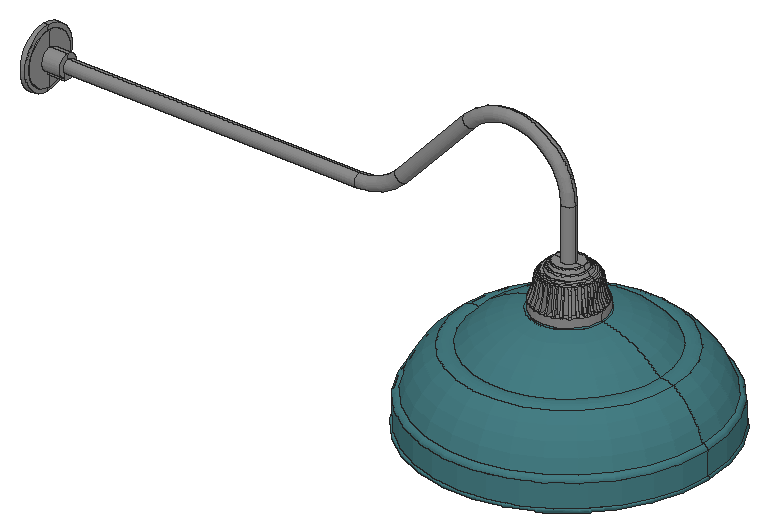
Revit family "Urban Bistro BRU 14,16,18,20,22", category Lighting Fixtures, Revit 2020
Family settings
  Round Connector Dimension = Use Diameter
  Part Type = Normal
  OmniClass Number = 23.80.70.00
  OmniClass Title = Lighting
  Work Plane-Based = No
  Always vertical = Yes
  Cut with Voids When Loaded = No
  Light Source = Yes
  Shared = No
  Room Calculation Point = No
Parameters (values of type "BRU22")
  b = 0' - 3"
  a = 1' - 1"
  Weight = "6.2lb"
  Wattage Comments = "200W"
  Wattage = 9.2903 W
  Warranty = "5 year limited warranty"  # constant formula
  built-in parameter 1150110 = 1 (stored number, unit not read)
  Voltage = 120 V
  URL = "https://www.anplighting.com/assets/Uploads/product-attachments/specification-sheets/ANP-Specification-Sheet-INC-BRU22.pdf"
  built-in parameter 1114217 = 1 (stored number, unit not read)
  Tilt Angle = 90.00°
  built-in parameter 1150109 = 1 (stored number, unit not read)
  built-in parameter 1150134 = 3
  built-in parameter 1150113 = 1 (stored number, unit not read)
  Photometric Web File = "generic"
  built-in parameter 1150142 = (empty or 0)
  Mounting Option [instance] = 4
  Power Factor = 1
  Post Mount [instance] = Mounting Option = 5  # no
  Placement X axis side [instance] = if(Post Mount, 2' 2 15/32", if(Cord or Stem Mount, 0' 0", if(E36 20 inch, 1' 8 1/4", if(E 6 26 inch, 2' 2", if(E7 41 inch, 3' 5 1/4", 0' 1")))))  # 3' - 5 1/4"
  Model = "BRU22"
  Manufacturer = "ANP Lighting"  # constant formula
  built-in parameter 1150105 = 109.82 (stored number, unit not read)
  Lumens = 1380 lm
  built-in parameter 1150115 = 1 (stored number, unit not read)
  Load Classification = Lighting
  Light Source Height [instance] = 0' - 0"
  built-in parameter 1150137 = (empty or 0)
  built-in parameter 1150139 = (empty or 0)
  Light Elevation _2 [instance] = if(Post Mount, 0' 0.66142", if(E7 41 inch, 0' 0.66142", if(E36 20 inch, 0' 1.65748", if(E 6 26 inch, 0' 1.53543", if(Cord or Stem Mount, (0' 4.3622" + Cord Length), 0' 0")))))  # 0' - 0.66142"
  Light Elevation _1 [instance] = if(Post Mount, 0' 0", if(E7 41 inch, 0' 0", if(E36 20 inch, 0' 1", if(E 6 26 inch, 0' 0.87402", if(Cord or Stem Mount, (0' 3.66142" + Cord Length), 0' 0")))))  # 0' - 0"
  Light Elevation [instance] = if(Post Mount, 14' 0.5315", if(E7 41 inch, 0' 0", 0' 0"))  # 0' - 0"
  Life = "L70 50,000 hours"  # constant formula
  built-in parameter 1150112 = 1 (stored number, unit not read)
  built-in parameter 1150114 = 1 (stored number, unit not read)
  Lamp = "MB"
  built-in parameter 1150132 = (empty or 0)
  built-in parameter 1150102 = (empty or 0)
  built-in parameter 1150107 = 3200 (stored number, unit not read)
  built-in parameter 1150138 = (empty or 0)
  built-in parameter 1150106 = 1.0982 (stored number, unit not read)
  HUB = Putty
  Fixture Height = 0' - 11 5/8"
  Fixture Diameter = 1' - 10"
  Efficiency = "65-125 lumens per watt"  # constant formula
  built-in parameter 1150104 = 13.8 (stored number, unit not read)
  E7 41 inch [instance] = Mounting Option = 4  # yes
  E36 20 inch [instance] = Mounting Option = 3  # no
  E 6 26 inch [instance] = Mounting Option = 2  # no
  Dimming Lamp Color Temperature Shift = <None>
  Dimming = "1%"  # constant formula
  Description = "120-277 Voltage"  # constant formula
  Default Elevation = 0' - 0"
  Cord or Stem Mount [instance] = Mounting Option = 1  # no
  Cord Length option [instance] = 0
  Cord Length [instance] = if([2' Cord], 2' 0", if([4' Cord], 4' 0", if([8' Cord], 8' 0", if([10' Cord], 10' 0", if([6' Cord], 6' 0", 6' 0")))))  # 6' - 0"
  Construction Material = "Heavy Duty spun aluminum."  # constant formula
  Color Filter = 16777215
  Canopy Body = Aqua Green
  CRI = ">90"  # constant formula
  Body Material = Putty
  Body Colour = "Spun aluminium"  # constant formula
  built-in parameter 1114218 = 1 (stored number, unit not read)
  BRU22 = yes
  BRU20 = no
  BRU18 = no
  BRU16 = no
  BRU14 = no
  built-in parameter 1150133 = 10 (stored number, unit not read)
  Apparent Load = 200 VA
  8' Cord [instance] = Cord Length option = 8  # no
  6' Cord [instance] = Cord Length option = 6  # no
  4' Cord [instance] = Cord Length option = 4  # no
  2' Cord [instance] = Cord Length option = 2  # no
  10' Cord [instance] = Cord Length option = 10  # no
Reference planes (in)
  plane 1 "Light Source Axis (F/B)": y = 0
  plane 2: z = 0
  plane 3 "Light Source Axis (L/R)": x = 0
  plane 4 "Light Source Elevation": z = 0
  plane 5: z = 0
  plane 6: x = 41.25
  plane 7 "Bulb Position": z = -0.66142
  plane 8 "Canopy Position": z = 0
  plane 9 "IES": z = -0.66142
  plane 10: z = 164.5315
  plane 11: z = -13
  plane 12: z = -10
  plane 13: z = -7.56887
Dimensions and locks (in)
  "Light Elevation": plane 5 to plane 2
  "Placement X axis side": plane 6 to plane 3 "Light Source Axis (L/R)"
  "Light Elevation _2": plane 5 to plane 7 "Bulb Position"
  "Light Elevation _1": plane 5 to plane 8 "Canopy Position"
  "Light Source Height": plane 7 "Bulb Position" to plane 9 "IES"
  locked: plane 4 "Light Source Elevation" to plane 2
  "a": plane 8 "Canopy Position" to plane 11
  "b": plane 12 to plane 11
  locked: plane 13 to plane 12 at 2.43113
  aligned and locked: level to plane 2
  aligned and locked: plane 1 "Light Source Axis (F/B)" to nested 5
  aligned and locked: nested 5 to plane 2
  aligned and locked: nested 1 to plane 3 "Light Source Axis (L/R)"
  aligned and locked: plane 3 "Light Source Axis (L/R)" to nested 2
  aligned and locked: plane 3 "Light Source Axis (L/R)" to nested 4
  aligned and locked: nested 3 to plane 5
  aligned and locked: plane 3 "Light Source Axis (L/R)" to nested 3
  aligned and locked: plane 1 "Light Source Axis (F/B)" to nested 2
  aligned and locked: plane 1 "Light Source Axis (F/B)" to nested 1
  aligned and locked: plane 1 "Light Source Axis (F/B)" to nested 4
  aligned and locked: plane 1 "Light Source Axis (F/B)" to nested 3
  aligned and locked: plane 2 to nested 1
  aligned and locked: nested 2 to plane 2
  aligned and locked: nested 4 to plane 2
  aligned and locked: plane 6 to imposter light
  aligned and locked: imposter light to plane 12
  aligned and locked: imposter light to plane 1 "Light Source Axis (F/B)"
  aligned and locked: plane 1 "Light Source Axis (F/B)" to nested 6
  aligned and locked: plane 8 "Canopy Position" to nested 6
  aligned and locked: plane 1 "Light Source Axis (F/B)" to nested 7
  aligned and locked: plane 8 "Canopy Position" to nested 7
  aligned and locked: plane 1 "Light Source Axis (F/B)" to nested 8
  aligned and locked: plane 8 "Canopy Position" to nested 8
  aligned and locked: plane 1 "Light Source Axis (F/B)" to nested 9
  aligned and locked: plane 8 "Canopy Position" to nested 9
  aligned and locked: plane 1 "Light Source Axis (F/B)" to nested 10
  aligned and locked: plane 8 "Canopy Position" to nested 10
  aligned and locked: plane 6 to nested 10
  aligned and locked: plane 6 to nested 7
  aligned and locked: plane 6 to nested 9
  aligned and locked: plane 6 to nested 8
  aligned and locked: plane 6 to nested 6
Nested families (in)
  nested 1: "CORD OR STEM MOUNT" at (0, 0, -75.67), visible <- "Cord or Stem Mount", Cord or Stem Mount <- "Cord or Stem Mount", Body Material <- "Body Material", Light Elevation <- "Light Elevation", Cord Length <- "Cord Length", 10' Cord <- "10' Cord", 2' Cord <- "2' Cord", 4' Cord <- "4' Cord", 6' Cord <- "6' Cord", 8' Cord <- "8' Cord", type "CORD OR STEM MOUNT"
    with Light Elevation 0' - 0", Cord or Stem Mount no, Cord Length 6' - 0", Body Material Putty, 8' Cord no, 6' Cord no, 4' Cord no, 2' Cord no, 10' Cord no
  nested 2: "E6 26 INCH" at (41.25, 0, 0), visible <- "E 6 26 inch", Chain Length <- "Cord Length", E 6 26 inch <- "E 6 26 inch", Placement X axis side <- "Placement X axis side", Body Material <- "Body Material", Light Elevation <- "Light Elevation", type "E6 26 INCH"
    with Placement X axis side 3' - 5 1/4", Light Elevation 0' - 0", E 6 26 inch no, Chain Length 6' - 0", Body Material Putty
  nested 3: "E7 41 INCH" at (41.25, 0, 0), Chain Length <- "Cord Length", visible <- "E7 41 inch", E7 41 inch <- "E7 41 inch", Placement X axis side <- "Placement X axis side", Body Material <- "Body Material", Light Elevation <- "Light Elevation", type "E7 41 INCH"
    with Placement X axis side 3' - 5 1/4", Light Elevation 0' - 0", E7 41 inch yes, Chain Length 6' - 0", Body Material Putty
  nested 4: "E36 20 INCH" at (41.25, 0, 0), visible <- "E36 20 inch", E36 20 inch <- "E36 20 inch", Placement X axis side <- "Placement X axis side", Chain Length <- "Cord Length", Body Material <- "Body Material", Light Elevation <- "Light Elevation", type "E36 20 INCH"
    with Placement X axis side 3' - 5 1/4", Light Elevation 0' - 0", E36 20 inch no, Chain Length 6' - 0", Body Material Putty
  nested 5: "POST MOUNT" at (41.25, 0, 0), visible <- "Post Mount", Post Mount <- "Post Mount", Placement X axis side <- "Placement X axis side", Chain Length <- "Cord Length", Body Material <- "Body Material", Light Elevation <- "Light Elevation", type "POST MOUNT"
    with Post Mount no, Placement X axis side 3' - 5 1/4", Light Elevation 0' - 0", Chain Length 6' - 0", Body Material Putty
  nested 6: "BRU14_1" at (41.25, 0, 0), BRU14 <- "BRU14", visible <- "BRU14", Body <- "Canopy Body", HUB <- "HUB", Light Elevation <- "Light Elevation", type "BRU14_1"
    with Light Elevation 0' - 0", HUB Putty, Body Aqua Green, BRU14 no
  nested 7: "BRU16_1" at (41.25, 0, 0.00021), BRU16 <- "BRU16", visible <- "BRU16", Body <- "Canopy Body", HUB <- "HUB", Light Elevation <- "Light Elevation", type "BRU16_1"
    with Light Elevation 0' - 0", HUB Putty, Body Aqua Green, BRU16 no
  nested 8: "BRU18_1" at (41.25, 0, 0), BRU18 <- "BRU18", visible <- "BRU18", Body <- "Canopy Body", HUB <- "HUB", Light Elevation <- "Light Elevation", type "BRU18_1"
    with Light Elevation 0' - 0", HUB Putty, Body Aqua Green, BRU18 no
  nested 9: "BRU20_1" at (41.25, 0, 0), BRU20 <- "BRU20", visible <- "BRU20", Body <- "Canopy Body", HUB <- "HUB", Light Elevation <- "Light Elevation", type "BRU20_1"
    with Light Elevation 0' - 0", HUB Putty, Body Aqua Green, BRU20 no
  nested 10: "BRU22_1" at (41.25, 0, 0), BRU22 <- "BRU22", visible <- "BRU22", Body <- "Canopy Body", HUB <- "HUB", Light Elevation <- "Light Elevation", type "BRU22_1"
    with Light Elevation 0' - 0", HUB Putty, Body Aqua Green, BRU22 yes
Definition of nested family "E7 41 INCH"
  Parameters (values of type "E7 41 INCH")
    URL = ""
    Placement X axis side [instance] = 4' - 2"
    Model = ""
    Manufacturer = ""
    Light Elevation [instance] = 8' - 4"
    E7 41 inch [instance] = yes
    Default Elevation = 0' - 0"
    Chain Length [instance] = 0' - 0"
    Body Material [instance] = none
  Reference planes (in)
    plane 1 "Light Source Axis (F/B)": y = 0
    plane 2: z = 0
    plane 3 "Light Source Axis (L/R)": x = 0
    plane 4 "Light Source Elevation": z = 23.125
    plane 5: z = 100
    plane 6: x = -50
  Forms (in)
    Extrusion 1, void, not visible
      sketch origin (0, 0, 2.38154) x (1, 0, 0) y (0, 0, 1)
        loop
          circle (0, 4.59925) r 0.16583
      from 1.18594 to 1.75
    Extrusion 2, void, not visible
      sketch origin (0, 0, 2.38154) x (0.707107, -0.707107, 0) y (0, 0, 1)
        loop
          circle (0, 4.59925) r 0.16583
      from 1.18594 to 1.75
    Extrusion 3, void, not visible
      sketch origin (0, 0, 2.38154) x (0.707107, 0.707107, 0) y (0, 0, 1)
        loop
          circle (0, 4.59925) r 0.16583
      from 1.18594 to 1.75
    Extrusion 4, void, not visible
      sketch origin (0, 0, 2.38154) x (0, 1, 0) y (0, 0, 1)
        loop
          circle (0, 4.59925) r 0.16583
      from 1.18594 to 1.75
    Extrusion 5, void, not visible
      sketch origin (0, 0, 2.38154) x (-0.707107, 0.707107, 0) y (0, 0, 1)
        loop
          circle (0, 4.59925) r 0.16583
      from 1.18594 to 1.75
    Extrusion 6, void, not visible
      sketch origin (0, 0, 2.38154) x (-1, 0, 0) y (0, 0, 1)
        loop
          circle (0, 4.59925) r 0.20678
      from 1.18594 to 1.75
    Extrusion 7, void, not visible
      sketch origin (0, 0, 2.38154) x (-0.707107, -0.707107, 0) y (0, 0, 1)
        loop
          circle (0, 4.59925) r 0.16583
      from 1.18594 to 1.75
    Extrusion 8, void, not visible
      sketch origin (0, 0, 2.38154) x (0, -1, 0) y (0, 0, 1)
        loop
          circle (0, 4.59925) r 0.16583
      from 1.18594 to 1.75
    Revolve 9, solid, material <- "Body Material", visible <- "E7 41 inch"
      sketch origin (-41.25, 0, 168.39193) x (1, 0, 0) y (0, 0, 1)
        loop
          line (-8.75, -66.20443) -> (-8.75, -68.51693) -> (-6.87, -68.51693) -> (-6.87, -67.69272) -> (-8.2974, -67.69272) -> (-8.2974, -66.54122) -> (-8.41875, -66.54122) -> (-8.41875, -66.20443) -> (-8.75, -66.20443)
        axis (-8.75, -68.51693) -> (-6.87, -68.51693)
      angle from 0 to 360
    Extrusion 10, solid, material <- "Body Material", visible <- "E7 41 inch"
      sketch origin (-41.25, 0, 168.39193) x (0, -1, 0) y (0, 0, -1)
        loop
          line (0.25, 68.51693) -> (0.25, 69.51693) -> (-0.25, 69.51693) -> (-0.25, 68.51693) -> (0.25, 68.51693)
      from -8.2974 to -6.87
    Sweep 11, solid, material <- "Body Material", visible <- "E7 41 inch"
      path origin (-41.25, 0, 168.39193) x (1, 0, 0) y (0, 0, 1)
        loop
          line (-6.87, -68.51693) -> (16.04011, -68.51693)
          arc (16.04011, -68.51693) -> (17.864, -68.13651) -> (19.38375, -67.0587) r 4.5625
          line (19.38375, -67.0587) -> (24.70217, -61.33018)
          arc (24.70217, -61.33018) -> (29.64465, -60.20324) -> (32.5, -64.39193) r 4.5
          line (32.5, -64.39193) -> (32.5, -68.39193)
      profile origin (-36.66494, 0, 99.875) x (0, 0, 1) y (0, -1, 0)
        loop
          circle (0, 0) r 0.5
  Dimensions and locks (in)
    "Placement X axis side": plane 3 "Light Source Axis (L/R)" to plane 6
    "Light Elevation": plane 5 to plane 2
    locked: Revolve 9 sketch curve to Revolve 9 sketch curve at 0.33125
    locked: Revolve 9 sketch curve to Revolve 9 sketch curve at 0.4526
    locked: Revolve 9 sketch curve to Revolve 9 sketch curve at 1.88
    locked: Revolve 9 sketch curve to Revolve 9 sketch curve at 0.82421
    locked: Revolve 9 sketch curve to Revolve 9 sketch curve at 1.1515
    locked: Revolve 9 sketch curve to Revolve 9 sketch curve at 0.33679
    locked: plane 5 to Revolve 9 sketch curve at 0.125
    locked: Extrusion 10 sketch curve to Extrusion 10 sketch curve at 0.5
    locked: Extrusion 10 sketch curve to Extrusion 10 sketch curve at 1
    locked: plane 5 to Extrusion 10 sketch curve at 0.125
    locked: plane 5 to Sweep 11 sketch curve at 0.125
    locked: Sweep 11 sketch curve to Sweep 11 sketch curve at 39.37
    locked: Sweep 11 sketch curve to Sweep 11 sketch curve at 4
    locked: plane 6 to Extrusion 10 at 0.4526
    locked: Sweep 11 sketch curve to plane 6 at 1.88
    locked: Extrusion 10 to Extrusion 10 at 1.4274
    aligned and locked: plane 2 to level
    aligned and locked: Revolve 9 sketch curve to plane 6
  Automatic sketch dimensions
    Revolve 9 sketch curve to plane 5 = 0' - 0 1/8"
    plane 6 to Revolve 9 sketch curve = 0' - 0.62562"
    Revolve 9 sketch curve to Revolve 9 sketch curve = 0' - 0 1/2"
    plane 1 "Light Source Axis (F/B)" to Extrusion 10 sketch curve = 0' - 0 1/4"
    Sweep 11 sketch curve to plane 5 = 0' - 0"
    Sweep 11 sketch curve to Sweep 11 sketch curve = 0' - 4 1/2"
    Sweep 11 sketch curve to Sweep 11 sketch curve = 0' - 3.29783"
    plane 5 to Sweep 11 sketch curve = 0' - 1.33323"
    Sweep 11 sketch curve to Sweep 11 sketch curve = 0' - 5.31842"
    Sweep 11 sketch curve to Sweep 11 sketch curve = 0' - 3.34364"
    profile plane to Sweep 11 sketch curve = 0' - 0"
    Sweep 11 sketch curve to profile plane = 0' - 0"
    radius of Sweep 11 sketch curve = 0' - 0 1/2"
Definition of nested family "BRU22_1"
  Parameters (values of type "BRU22_1")
    Light Elevation [instance] = 4' - 0"
    HUB [instance] = none
    Default Elevation = 0' - 0"
    Body [instance] = none
    BRU22 [instance] = yes
  Reference planes (in)
    plane 1 "Center (Front/Back)": y = 0
    plane 2: z = 0
    plane 3 "Center (Left/Right)": x = 0
    plane 4: z = 48
  Dimensions and locks (in)
    "Light Elevation": plane 4 to plane 2
    aligned and locked: plane 2 to level
    aligned and locked: plane 1 "Center (Front/Back)" to nested 1
    aligned and locked: plane 3 "Center (Left/Right)" to nested 1
    aligned and locked: plane 4 to nested 1
  Nested families (in)
    nested 1: "BRU22" at (0, 0, 36.375), visible <- "BRU22", SHADE <- "Body", HUB <- "HUB", BRU22 <- "BRU22", type "BRU22"
      with SHADE none, HUB none
  Definition of nested family "BRU22"
    Parameters (values of type "BRU22")
      SHADE [instance] = none
      HUB [instance] = none
      Default Elevation = 0' - 0"
      BRU22 [instance] = yes
    Reference planes (in)
      plane 1 "Center (Front/Back)": y = 0
      plane 2: z = 0
      plane 3 "Center (Left/Right)": x = 0
      plane 4: z = 11.625
    Forms (in)
      Revolve 1, solid, material <- "HUB", visible <- "BRU22"
        sketch origin (0, 0, 1.74676) x (1, 0, 0) y (0, 0, 1)
          loop
            arc (-1.13603, 9.87824) -> (-1.15661, 9.87225) -> (-1.17075, 9.85614) r 0.03832
            line (-1.17075, 9.85614) -> (-1.29313, 9.59416) -> (-1.41054, 9.59416)
            arc (-1.41054, 9.59416) -> (-1.45353, 9.58163) -> (-1.48305, 9.54797) r 0.08
            line (-1.48305, 9.54797) -> (-1.59547, 9.30689) -> (-1.79547, 9.30689)
            arc (-1.79547, 9.30689) -> (-1.84894, 9.28639) -> (-1.87501, 9.23539) r 0.08
            arc (-1.87501, 9.23539) -> (-1.89411, 9.17729) -> (-1.93534, 9.13211) r 0.14595
            arc (-1.93534, 9.13211) -> (-1.97647, 9.10191) -> (-2.01677, 9.07061) r 1.89392
            arc (-2.01677, 9.07061) -> (-2.14099, 8.88463) -> (-2.18385, 8.66511) r 0.56845
            arc (-2.18385, 8.66511) -> (-2.3223, 7.96682) -> (-2.5672, 7.29839) r 4.58402
            arc (-2.5672, 7.29839) -> (-2.59166, 7.23933) -> (-2.6, 7.17595) r 0.24491
            line (-2.6, 7.17595) -> (-2.6, 6.55689) -> (-2.28, 6.55689) -> (-2.28, 6.93689) -> (-2, 7.18689) -> (-1.74987, 8.96668)
            arc (-1.74987, 8.96668) -> (-1.66631, 9.12057) -> (-1.5023, 9.18189) r 0.25
            line (-1.5023, 9.18189) -> (-0.3125, 9.18189) -> (-0.3125, 9.87824) -> (-1.13603, 9.87824)
          axis (0, 9.87824) -> (0, 6.55689)
        angle from 0 to 360
      Extrusion 2, void
        sketch origin (0, 0, 1.74676) x (1, 0, 0) y (0, 0, 1)
          loop
            arc (0.1562, 8.94175) -> (0, 9.10087) -> (-0.1562, 8.94175) r 0.15622
            arc (-0.1562, 8.94175) -> (-0.16453, 8.05868) -> (-0.1893, 7.17593) r 47.42066
            line (-0.1893, 7.17593) -> (0.1893, 7.17593)
            arc (0.1893, 7.17593) -> (0.16453, 8.05868) -> (0.1562, 8.94175) r 47.42066
        from 2.01546 to 2.60892
      Extrusion 3, void
        sketch origin (0, 0, 1.74676) x (-1, 0, 0) y (0, 0, 1)
          loop
            arc (0.1562, 8.94175) -> (0, 9.10087) -> (-0.1562, 8.94175) r 0.15622
            arc (-0.1562, 8.94175) -> (-0.16453, 8.05868) -> (-0.1893, 7.17593) r 47.42066
            line (-0.1893, 7.17593) -> (0.1893, 7.17593)
            arc (0.1893, 7.17593) -> (0.16453, 8.05868) -> (0.1562, 8.94175) r 47.42066
        from 2.04762 to 2.60892
      Extrusion 4, void
        sketch origin (0, 0, 1.74676) x (0.980785, 0.19509, 0) y (0, 0, 1)
          loop
            arc (0.1562, 8.94175) -> (0, 9.10087) -> (-0.1562, 8.94175) r 0.15622
            arc (-0.1562, 8.94175) -> (-0.16453, 8.05868) -> (-0.1893, 7.17593) r 47.42066
            line (-0.1893, 7.17593) -> (0.1893, 7.17593)
            arc (0.1893, 7.17593) -> (0.16453, 8.05868) -> (0.1562, 8.94175) r 47.42066
        from 2.01546 to 2.60892
      Extrusion 5, void
        sketch origin (0, 0, 1.74676) x (-0.980785, -0.19509, 0) y (0, 0, 1)
          loop
            arc (0.1562, 8.94175) -> (0, 9.10087) -> (-0.1562, 8.94175) r 0.15622
            arc (-0.1562, 8.94175) -> (-0.16453, 8.05868) -> (-0.1893, 7.17593) r 47.42066
            line (-0.1893, 7.17593) -> (0.1893, 7.17593)
            arc (0.1893, 7.17593) -> (0.16453, 8.05868) -> (0.1562, 8.94175) r 47.42066
        from 2.04156 to 2.60892
      Extrusion 6, void
        sketch origin (0, 0, 1.74676) x (0.92388, 0.382683, 0) y (0, 0, 1)
          loop
            arc (0.1562, 8.94175) -> (0, 9.10087) -> (-0.1562, 8.94175) r 0.15622
            arc (-0.1562, 8.94175) -> (-0.16453, 8.05868) -> (-0.1893, 7.17593) r 47.42066
            line (-0.1893, 7.17593) -> (0.1893, 7.17593)
            arc (0.1893, 7.17593) -> (0.16453, 8.05868) -> (0.1562, 8.94175) r 47.42066
        from 2.01546 to 2.60892
      Extrusion 7, void
        sketch origin (0, 0, 1.74676) x (-0.92388, -0.382683, 0) y (0, 0, 1)
          loop
            arc (0.1562, 8.94175) -> (0, 9.10087) -> (-0.1562, 8.94175) r 0.15622
            arc (-0.1562, 8.94175) -> (-0.16453, 8.05868) -> (-0.1893, 7.17593) r 47.42066
            line (-0.1893, 7.17593) -> (0.1893, 7.17593)
            arc (0.1893, 7.17593) -> (0.16453, 8.05868) -> (0.1562, 8.94175) r 47.42066
        from 2.03658 to 2.60892
      Extrusion 8, void
        sketch origin (0, 0, 1.74676) x (0.83147, 0.55557, 0) y (0, 0, 1)
          loop
            arc (0.1562, 8.94175) -> (0, 9.10087) -> (-0.1562, 8.94175) r 0.15622
            arc (-0.1562, 8.94175) -> (-0.16453, 8.05868) -> (-0.1893, 7.17593) r 47.42066
            line (-0.1893, 7.17593) -> (0.1893, 7.17593)
            arc (0.1893, 7.17593) -> (0.16453, 8.05868) -> (0.1562, 8.94175) r 47.42066
        from 2.01546 to 2.60892
      Extrusion 9, void
        sketch origin (0, 0, 1.74676) x (-0.83147, -0.55557, 0) y (0, 0, 1)
          loop
            arc (0.1562, 8.94175) -> (0, 9.10087) -> (-0.1562, 8.94175) r 0.15622
            arc (-0.1562, 8.94175) -> (-0.16453, 8.05868) -> (-0.1893, 7.17593) r 47.42066
            line (-0.1893, 7.17593) -> (0.1893, 7.17593)
            arc (0.1893, 7.17593) -> (0.16453, 8.05868) -> (0.1562, 8.94175) r 47.42066
        from 2.01546 to 2.60892
      Extrusion 10, void
        sketch origin (0, 0, 1.74676) x (0.707107, 0.707107, 0) y (0, 0, 1)
          loop
            arc (0.1562, 8.94175) -> (0, 9.10087) -> (-0.1562, 8.94175) r 0.15622
            arc (-0.1562, 8.94175) -> (-0.16453, 8.05868) -> (-0.1893, 7.17593) r 47.42066
            line (-0.1893, 7.17593) -> (0.1893, 7.17593)
            arc (0.1893, 7.17593) -> (0.16453, 8.05868) -> (0.1562, 8.94175) r 47.42066
        from 2.01546 to 2.60892
      Extrusion 11, void
        sketch origin (0, 0, 1.74676) x (-0.707107, -0.707107, 0) y (0, 0, 1)
          loop
            arc (0.1562, 8.94175) -> (0, 9.10087) -> (-0.1562, 8.94175) r 0.15622
            arc (-0.1562, 8.94175) -> (-0.16453, 8.05868) -> (-0.1893, 7.17593) r 47.42066
            line (-0.1893, 7.17593) -> (0.1893, 7.17593)
            arc (0.1893, 7.17593) -> (0.16453, 8.05868) -> (0.1562, 8.94175) r 47.42066
        from 2.01546 to 2.60892
      Extrusion 12, void
        sketch origin (0, 0, 1.74676) x (0.980785, -0.19509, 0) y (0, 0, 1)
          loop
            arc (0.1562, 8.94175) -> (0, 9.10087) -> (-0.1562, 8.94175) r 0.15622
            arc (-0.1562, 8.94175) -> (-0.16453, 8.05868) -> (-0.1893, 7.17593) r 47.42066
            line (-0.1893, 7.17593) -> (0.1893, 7.17593)
            arc (0.1893, 7.17593) -> (0.16453, 8.05868) -> (0.1562, 8.94175) r 47.42066
        from 2.01546 to 2.60892
      Extrusion 13, void
        sketch origin (0, 0, 1.74676) x (-0.980785, 0.19509, 0) y (0, 0, 1)
          loop
            arc (0.1562, 8.94175) -> (0, 9.10087) -> (-0.1562, 8.94175) r 0.15622
            arc (-0.1562, 8.94175) -> (-0.16453, 8.05868) -> (-0.1893, 7.17593) r 47.42066
            line (-0.1893, 7.17593) -> (0.1893, 7.17593)
            arc (0.1893, 7.17593) -> (0.16453, 8.05868) -> (0.1562, 8.94175) r 47.42066
        from 2.01546 to 2.60892
      Extrusion 14, void
        sketch origin (0, 0, 1.74676) x (0.92388, -0.382683, 0) y (0, 0, 1)
          loop
            arc (0.1562, 8.94175) -> (0, 9.10087) -> (-0.1562, 8.94175) r 0.15622
            arc (-0.1562, 8.94175) -> (-0.16453, 8.05868) -> (-0.1893, 7.17593) r 47.42066
            line (-0.1893, 7.17593) -> (0.1893, 7.17593)
            arc (0.1893, 7.17593) -> (0.16453, 8.05868) -> (0.1562, 8.94175) r 47.42066
        from 2.01546 to 2.60892
      Extrusion 15, void
        sketch origin (0, 0, 1.74676) x (-0.92388, 0.382683, 0) y (0, 0, 1)
          loop
            arc (0.1562, 8.94175) -> (0, 9.10087) -> (-0.1562, 8.94175) r 0.15622
            arc (-0.1562, 8.94175) -> (-0.16453, 8.05868) -> (-0.1893, 7.17593) r 47.42066
            line (-0.1893, 7.17593) -> (0.1893, 7.17593)
            arc (0.1893, 7.17593) -> (0.16453, 8.05868) -> (0.1562, 8.94175) r 47.42066
        from 2.01546 to 2.60892
      Extrusion 16, void
        sketch origin (0, 0, 1.74676) x (0.83147, -0.55557, 0) y (0, 0, 1)
          loop
            arc (0.1562, 8.94175) -> (0, 9.10087) -> (-0.1562, 8.94175) r 0.15622
            arc (-0.1562, 8.94175) -> (-0.16453, 8.05868) -> (-0.1893, 7.17593) r 47.42066
            line (-0.1893, 7.17593) -> (0.1893, 7.17593)
            arc (0.1893, 7.17593) -> (0.16453, 8.05868) -> (0.1562, 8.94175) r 47.42066
        from 2.01546 to 2.60892
      Extrusion 17, void
        sketch origin (0, 0, 1.74676) x (-0.83147, 0.55557, 0) y (0, 0, 1)
          loop
            arc (0.1562, 8.94175) -> (0, 9.10087) -> (-0.1562, 8.94175) r 0.15622
            arc (-0.1562, 8.94175) -> (-0.16453, 8.05868) -> (-0.1893, 7.17593) r 47.42066
            line (-0.1893, 7.17593) -> (0.1893, 7.17593)
            arc (0.1893, 7.17593) -> (0.16453, 8.05868) -> (0.1562, 8.94175) r 47.42066
        from 2.01546 to 2.60892
      Extrusion 18, void
        sketch origin (0, 0, 1.74676) x (0.707107, -0.707107, 0) y (0, 0, 1)
          loop
            arc (0.1562, 8.94175) -> (0, 9.10087) -> (-0.1562, 8.94175) r 0.15622
            arc (-0.1562, 8.94175) -> (-0.16453, 8.05868) -> (-0.1893, 7.17593) r 47.42066
            line (-0.1893, 7.17593) -> (0.1893, 7.17593)
            arc (0.1893, 7.17593) -> (0.16453, 8.05868) -> (0.1562, 8.94175) r 47.42066
        from 2.01546 to 2.60892
      Extrusion 19, void
        sketch origin (0, 0, 1.74676) x (-0.707107, 0.707107, 0) y (0, 0, 1)
          loop
            arc (0.1562, 8.94175) -> (0, 9.10087) -> (-0.1562, 8.94175) r 0.15622
            arc (-0.1562, 8.94175) -> (-0.16453, 8.05868) -> (-0.1893, 7.17593) r 47.42066
            line (-0.1893, 7.17593) -> (0.1893, 7.17593)
            arc (0.1893, 7.17593) -> (0.16453, 8.05868) -> (0.1562, 8.94175) r 47.42066
        from 2.01546 to 2.60892
      Extrusion 20, void
        sketch origin (-0.00391, 0, 1.74676) x (0.382683, -0.92388, 0) y (0, 0, 1)
          loop
            arc (0.1562, 8.94175) -> (0, 9.10087) -> (-0.1562, 8.94175) r 0.15622
            arc (-0.1562, 8.94175) -> (-0.16453, 8.05868) -> (-0.1893, 7.17593) r 47.42066
            line (-0.1893, 7.17593) -> (0.1893, 7.17593)
            arc (0.1893, 7.17593) -> (0.16453, 8.05868) -> (0.1562, 8.94175) r 47.42066
        from 2.02883 to 2.60892
      Extrusion 21, void
        sketch origin (0, 0, 1.74676) x (-0.382683, 0.92388, 0) y (0, 0, 1)
          loop
            arc (0.1562, 8.94175) -> (0, 9.10087) -> (-0.1562, 8.94175) r 0.15622
            arc (-0.1562, 8.94175) -> (-0.16453, 8.05868) -> (-0.1893, 7.17593) r 47.42066
            line (-0.1893, 7.17593) -> (0.1893, 7.17593)
            arc (0.1893, 7.17593) -> (0.16453, 8.05868) -> (0.1562, 8.94175) r 47.42066
        from 2.03251 to 2.60892
      Extrusion 22, void
        sketch origin (-0.00391, 0, 1.74676) x (0.19509, -0.980785, 0) y (0, 0, 1)
          loop
            arc (0.1562, 8.94175) -> (0, 9.10087) -> (-0.1562, 8.94175) r 0.15622
            arc (-0.1562, 8.94175) -> (-0.16453, 8.05868) -> (-0.1893, 7.17593) r 47.42066
            line (-0.1893, 7.17593) -> (0.1893, 7.17593)
            arc (0.1893, 7.17593) -> (0.16453, 8.05868) -> (0.1562, 8.94175) r 47.42066
        from 2.02341 to 2.60892
      Extrusion 23, void
        sketch origin (0, 0, 1.74676) x (-0.19509, 0.980785, 0) y (0, 0, 1)
          loop
            arc (0.1562, 8.94175) -> (0, 9.10087) -> (-0.1562, 8.94175) r 0.15622
            arc (-0.1562, 8.94175) -> (-0.16453, 8.05868) -> (-0.1893, 7.17593) r 47.42066
            line (-0.1893, 7.17593) -> (0.1893, 7.17593)
            arc (0.1893, 7.17593) -> (0.16453, 8.05868) -> (0.1562, 8.94175) r 47.42066
        from 2.04196 to 2.60892
      Extrusion 24, void
        sketch origin (0, 0, 1.74676) x (0.55557, 0.83147, 0) y (0, 0, 1)
          loop
            arc (0.1562, 8.94175) -> (0, 9.10087) -> (-0.1562, 8.94175) r 0.15622
            arc (-0.1562, 8.94175) -> (-0.16453, 8.05868) -> (-0.1893, 7.17593) r 47.42066
            line (-0.1893, 7.17593) -> (0.1893, 7.17593)
            arc (0.1893, 7.17593) -> (0.16453, 8.05868) -> (0.1562, 8.94175) r 47.42066
        from 2.02974 to 2.60892
      Extrusion 25, void
        sketch origin (0, 0, 1.74676) x (-0.55557, -0.83147, 0) y (0, 0, 1)
          loop
            arc (0.1562, 8.94175) -> (0, 9.10087) -> (-0.1562, 8.94175) r 0.15622
            arc (-0.1562, 8.94175) -> (-0.16453, 8.05868) -> (-0.1893, 7.17593) r 47.42066
            line (-0.1893, 7.17593) -> (0.1893, 7.17593)
            arc (0.1893, 7.17593) -> (0.16453, 8.05868) -> (0.1562, 8.94175) r 47.42066
        from 2.03706 to 2.60892
      Extrusion 26, void
        sketch origin (0, 0, 1.74676) x (0.382683, 0.92388, 0) y (0, 0, 1)
          loop
            arc (0.1562, 8.94175) -> (0, 9.10087) -> (-0.1562, 8.94175) r 0.15622
            arc (-0.1562, 8.94175) -> (-0.16453, 8.05868) -> (-0.1893, 7.17593) r 47.42066
            line (-0.1893, 7.17593) -> (0.1893, 7.17593)
            arc (0.1893, 7.17593) -> (0.16453, 8.05868) -> (0.1562, 8.94175) r 47.42066
        from 2.03226 to 2.60892
      Extrusion 27, void
        sketch origin (0, 0, 1.74676) x (-0.382683, -0.92388, 0) y (0, 0, 1)
          loop
            arc (0.1562, 8.94175) -> (0, 9.10087) -> (-0.1562, 8.94175) r 0.15622
            arc (-0.1562, 8.94175) -> (-0.16453, 8.05868) -> (-0.1893, 7.17593) r 47.42066
            line (-0.1893, 7.17593) -> (0.1893, 7.17593)
            arc (0.1893, 7.17593) -> (0.16453, 8.05868) -> (0.1562, 8.94175) r 47.42066
        from 2.03901 to 2.60892
      Extrusion 28, void
        sketch origin (0, 0, 1.74676) x (0.19509, 0.980785, 0) y (0, 0, 1)
          loop
            arc (0.1562, 8.94175) -> (0, 9.10087) -> (-0.1562, 8.94175) r 0.15622
            arc (-0.1562, 8.94175) -> (-0.16453, 8.05868) -> (-0.1893, 7.17593) r 47.42066
            line (-0.1893, 7.17593) -> (0.1893, 7.17593)
            arc (0.1893, 7.17593) -> (0.16453, 8.05868) -> (0.1562, 8.94175) r 47.42066
        from 2.03393 to 2.60892
      Extrusion 29, void
        sketch origin (0, 0, 1.74676) x (-0.19509, -0.980785, 0) y (0, 0, 1)
          loop
            arc (0.1562, 8.94175) -> (0, 9.10087) -> (-0.1562, 8.94175) r 0.15622
            arc (-0.1562, 8.94175) -> (-0.16453, 8.05868) -> (-0.1893, 7.17593) r 47.42066
            line (-0.1893, 7.17593) -> (0.1893, 7.17593)
            arc (0.1893, 7.17593) -> (0.16453, 8.05868) -> (0.1562, 8.94175) r 47.42066
        from 2.0371 to 2.60892
      Extrusion 30, void
        sketch origin (0, 0, 1.74676) x (0, 1, 0) y (0, 0, 1)
          loop
            arc (0.1562, 8.94175) -> (0, 9.10087) -> (-0.1562, 8.94175) r 0.15622
            arc (-0.1562, 8.94175) -> (-0.16453, 8.05868) -> (-0.1893, 7.17593) r 47.42066
            line (-0.1893, 7.17593) -> (0.1893, 7.17593)
            arc (0.1893, 7.17593) -> (0.16453, 8.05868) -> (0.1562, 8.94175) r 47.42066
        from 2.04193 to 2.60892
      Extrusion 31, void
        sketch origin (0, 0, 1.74676) x (0, -1, 0) y (0, 0, 1)
          loop
            arc (0.1562, 8.94175) -> (0, 9.10087) -> (-0.1562, 8.94175) r 0.15622
            arc (-0.1562, 8.94175) -> (-0.16453, 8.05868) -> (-0.1893, 7.17593) r 47.42066
            line (-0.1893, 7.17593) -> (0.1893, 7.17593)
            arc (0.1893, 7.17593) -> (0.16453, 8.05868) -> (0.1562, 8.94175) r 47.42066
        from 2.03697 to 2.60892
      Extrusion 32, void
        sketch origin (0, 0, 1.74676) x (0.55557, -0.83147, 0) y (0, 0, 1)
          loop
            arc (0.1562, 8.94175) -> (0, 9.10087) -> (-0.1562, 8.94175) r 0.15622
            arc (-0.1562, 8.94175) -> (-0.16453, 8.05868) -> (-0.1893, 7.17593) r 47.42066
            line (-0.1893, 7.17593) -> (0.1893, 7.17593)
            arc (0.1893, 7.17593) -> (0.16453, 8.05868) -> (0.1562, 8.94175) r 47.42066
        from 2.03636 to 2.60892
      Extrusion 33, void
        sketch origin (0, 0, 1.74676) x (-0.55557, 0.83147, 0) y (0, 0, 1)
          loop
            arc (0.1562, 8.94175) -> (0, 9.10087) -> (-0.1562, 8.94175) r 0.15622
            arc (-0.1562, 8.94175) -> (-0.16453, 8.05868) -> (-0.1893, 7.17593) r 47.42066
            line (-0.1893, 7.17593) -> (0.1893, 7.17593)
            arc (0.1893, 7.17593) -> (0.16453, 8.05868) -> (0.1562, 8.94175) r 47.42066
        from 2.03457 to 2.60892
      Revolve 34, solid, material <- "SHADE", visible <- "BRU22"
        sketch origin (0, 0, 0) x (1, 0, 0) y (0, 0, 1)
          loop
            arc (-2.75803, 8.25) -> (-5.1378, 7.41011) -> (-7.10426, 5.82842) r 7.5
            arc (-7.10426, 5.82842) -> (-7.67673, 5.87002) -> (-8.20744, 5.65138) r 1.25
            arc (-8.20744, 5.65138) -> (-9.62007, 4.22296) -> (-10.48085, 2.40775) r 5.98896
            arc (-10.48085, 2.40775) -> (-10.76875, 2.30894) -> (-10.88851, 2.02911) r 0.375
            line (-10.88851, 2.02911) -> (-10.88851, 0.24953)
            arc (-10.88851, 0.24953) -> (-11.01014, 0.12321) -> (-10.88536, 0) r 0.12478
            line (-10.88536, 0) -> (-10.79476, 0) -> (-10.79476, 2.02979)
            arc (-10.79476, 2.02979) -> (-10.67514, 2.26436) -> (-10.41388, 2.29718) r 0.28125
            arc (-10.41388, 2.29718) -> (-9.5685, 4.1329) -> (-8.15278, 5.57521) r 5.89521
            arc (-8.15278, 5.57521) -> (-7.63199, 5.78185) -> (-7.07521, 5.71939) r 1.15625
            arc (-7.07521, 5.71939) -> (-5.12287, 7.31101) -> (-2.75001, 8.15625) r 7.40625
            line (-2.75001, 8.15625) -> (-2.15625, 8.15625) -> (-2.15625, 8.63105) -> (-1.93333, 8.85306)
            arc (-1.93333, 8.85306) -> (-1.9228, 8.89101) -> (-1.95, 8.91949) r 0.03986
            line (-1.95, 8.91949) -> (-1.99949, 8.91949) -> (-2.25, 8.67) -> (-2.25, 8.25) -> (-2.75803, 8.25)
          axis (0, 0) -> (0, 8.91949)
        angle from 0 to 360
    Cuts and joins
      Extrusion 2, Extrusion 3, Extrusion 4, Extrusion 5, Extrusion 6, Extrusion 7, Extrusion 8, Extrusion 9, Extrusion 10, Extrusion 11, Extrusion 12, Extrusion 13, Extrusion 14, Extrusion 15, Extrusion 16, Extrusion 17, Extrusion 18, Extrusion 19, Extrusion 20, Extrusion 21, Extrusion 22, Extrusion 23, Extrusion 24, Extrusion 25, Extrusion 26, Extrusion 27, Extrusion 28, Extrusion 29, Extrusion 30, Extrusion 31, Extrusion 32, Extrusion 33 cuts Revolve 1
    Dimensions and locks (in)
      aligned and locked: plane 2 to level
Definition of nested family "CORD OR STEM MOUNT"
  Parameters (values of type "CORD OR STEM MOUNT")
    URL = ""
    Model = ""
    Manufacturer = ""
    Light Elevation [instance] = 1' - 7.69"
    Default Elevation = 0' - 0"
    Cord or Stem Mount [instance] = yes
    Cord Length [instance] = 6' - 0"
    Body Material [instance] = none
    8' Cord [instance] = no
    6' Cord [instance] = no
    4' Cord [instance] = no
    2' Cord [instance] = no
    10' Cord [instance] = no
  Reference planes (in)
    plane 1 "Light Source Axis (F/B)": y = 0
    plane 2: z = 0
    plane 3 "Light Source Axis (L/R)": x = 0
    plane 4 "Light Source Elevation": z = 23.125
    plane 5: z = 91.69
    plane 6: z = 19.69
  Forms (in)
    Extrusion 1, void, not visible
      sketch origin (0, 0, 2.38154) x (1, 0, 0) y (0, 0, 1)
        loop
          circle (0, 4.59925) r 0.16583
      from 1.18594 to 1.75
    Extrusion 2, void, not visible
      sketch origin (0, 0, 2.38154) x (0.707107, -0.707107, 0) y (0, 0, 1)
        loop
          circle (0, 4.59925) r 0.16583
      from 1.18594 to 1.75
    Extrusion 3, void, not visible
      sketch origin (0, 0, 2.38154) x (0.707107, 0.707107, 0) y (0, 0, 1)
        loop
          circle (0, 4.59925) r 0.16583
      from 1.18594 to 1.75
    Extrusion 4, void, not visible
      sketch origin (0, 0, 2.38154) x (0, 1, 0) y (0, 0, 1)
        loop
          circle (0, 4.59925) r 0.16583
      from 1.18594 to 1.75
    Extrusion 5, void, not visible
      sketch origin (0, 0, 2.38154) x (-0.707107, 0.707107, 0) y (0, 0, 1)
        loop
          circle (0, 4.59925) r 0.16583
      from 1.18594 to 1.75
    Extrusion 6, void, not visible
      sketch origin (0, 0, 2.38154) x (-1, 0, 0) y (0, 0, 1)
        loop
          circle (0, 4.59925) r 0.20678
      from 1.18594 to 1.75
    Extrusion 7, void, not visible
      sketch origin (0, 0, 2.38154) x (-0.707107, -0.707107, 0) y (0, 0, 1)
        loop
          circle (0, 4.59925) r 0.16583
      from 1.18594 to 1.75
    Extrusion 8, void, not visible
      sketch origin (0, 0, 2.38154) x (0, -1, 0) y (0, 0, 1)
        loop
          circle (0, 4.59925) r 0.16583
      from 1.18594 to 1.75
    Revolve 9, solid, material <- "Body Material", visible <- "Cord or Stem Mount"
      sketch origin (0, 0, 174.56698) x (1, 0, 0) y (0, 0, 1)
        loop
          line (2.6875, -79.20698) -> (0, -79.20698) -> (0, -82.87698) -> (0.125, -82.87698) -> (0.125, -82.83698) -> (0.75, -82.83698)
          arc (0.75, -82.83698) -> (0.81694, -82.77004) -> (0.75, -82.7031) r 0.06694
          line (0.75, -82.7031) -> (0.89763, -82.7031) -> (1.00223, -82.5985) -> (1.06587, -82.5985)
          arc (1.06587, -82.5985) -> (1.80099, -82.29401) -> (2.10549, -81.55888) r 1.03962
          line (2.10549, -81.55888) -> (2.10549, -81.03899)
          arc (2.10549, -81.03899) -> (2.12951, -80.981) -> (2.1875, -80.95698) r 0.08201
          line (2.1875, -80.95698) -> (2.1875, -80.70698) -> (2.6875, -80.70698) -> (2.6875, -79.20698)
        axis (0, -79.20698) -> (0, -82.87698)
      angle from 0 to 360
    Revolve 10, solid, material <- "Body Material", visible <- "Cord or Stem Mount"
      sketch origin (0, 0, 0) x (1, 0, 0) y (0, 0, 1)
        loop
          line (0, 91.69) -> (-0.125, 91.69) -> (-0.125, 19.69) -> (0, 19.69) -> (0, 91.69)
        axis (0, 19.69) -> (0, 91.69)
      angle from 0 to 360
  Dimensions and locks (in)
    "Light Elevation": plane 6 to plane 2
    "Cord Length": plane 5 to plane 6
    locked: Revolve 10 sketch curve to Revolve 10 sketch curve at 0.125
    aligned and locked: level to plane 2
    aligned and locked: Revolve 10 sketch curve to plane 3 "Light Source Axis (L/R)"
    aligned and locked: Revolve 10 sketch curve to plane 6
    aligned and locked: Revolve 10 sketch curve to plane 5
    aligned and locked: plane 3 "Light Source Axis (L/R)" to Revolve 10 sketch curve
  Automatic sketch dimensions
    Revolve 9 sketch curve to plane 3 "Light Source Axis (L/R)" = 0' - 0"  (x2)
    Revolve 9 sketch curve to plane 5 = 0' - 0"
    plane 3 "Light Source Axis (L/R)" to Revolve 9 sketch curve = 0' - 0 1/8"
    Revolve 9 sketch curve to plane 5 = 0' - 0.17388"
    Revolve 9 sketch curve to Revolve 9 sketch curve = 0' - 0 5/8"
    Revolve 9 sketch curve to Revolve 9 sketch curve = 0' - 0.14763"
    Revolve 9 sketch curve to plane 5 = 0' - 0.27847"
    Revolve 9 sketch curve to Revolve 9 sketch curve = 0' - 0.1046"
    Revolve 9 sketch curve to Revolve 9 sketch curve = 0' - 0.06364"
    Revolve 9 sketch curve to Revolve 9 sketch curve = 0' - 1.03962"
    Revolve 9 sketch curve to Revolve 9 sketch curve = 0' - 0 21/256"
    Revolve 9 sketch curve to Revolve 9 sketch curve = 0' - 0 1/2"  (x2)
    Revolve 9 sketch curve to Revolve 9 sketch curve = 0' - 0.51989"
    Revolve 9 sketch curve to Revolve 9 sketch curve = 0' - 0 1/4"
    Revolve 9 sketch curve to Revolve 9 sketch curve = 0' - 2.3519"
    Revolve 9 sketch curve to Revolve 9 sketch curve = 0' - 1 1/4"
    Revolve 9 sketch curve to Revolve 9 sketch curve = 0' - 0.04"
    Revolve 10 sketch curve to Revolve 10 sketch curve = 0' - 0 1/2"
    Revolve 10 sketch curve to Revolve 10 sketch curve = 0' - 0.42345"
Definition of nested family "E6 26 INCH"
  Parameters (values of type "E6 26 INCH")
    URL = ""
    Placement X axis side [instance] = 2' - 2"
    Model = ""
    Manufacturer = ""
    Light Elevation [instance] = 8' - 4"
    E 6 26 inch [instance] = yes
    Default Elevation = 0' - 0"
    Chain Length [instance] = 0' - 0"
    Body Material [instance] = none
  Reference planes (in)
    plane 1 "Light Source Axis (F/B)": y = 0
    plane 2: z = 0
    plane 3 "Light Source Axis (L/R)": x = 0
    plane 4 "Light Source Elevation": z = 23.125
    plane 5: z = 100
    plane 6: x = -26
    plane 7: z = 99.125
    plane 8: x = -24.12
    plane 9: x = -25.5474
  Forms (in)
    Extrusion 1, void, not visible
      sketch origin (0, 0, 2.38154) x (1, 0, 0) y (0, 0, 1)
        loop
          circle (0, 4.59925) r 0.16583
      from 1.18594 to 1.75
    Extrusion 2, void, not visible
      sketch origin (0, 0, 2.38154) x (0.707107, -0.707107, 0) y (0, 0, 1)
        loop
          circle (0, 4.59925) r 0.16583
      from 1.18594 to 1.75
    Extrusion 3, void, not visible
      sketch origin (0, 0, 2.38154) x (0.707107, 0.707107, 0) y (0, 0, 1)
        loop
          circle (0, 4.59925) r 0.16583
      from 1.18594 to 1.75
    Extrusion 4, void, not visible
      sketch origin (0, 0, 2.38154) x (0, 1, 0) y (0, 0, 1)
        loop
          circle (0, 4.59925) r 0.16583
      from 1.18594 to 1.75
    Extrusion 5, void, not visible
      sketch origin (0, 0, 2.38154) x (-0.707107, 0.707107, 0) y (0, 0, 1)
        loop
          circle (0, 4.59925) r 0.16583
      from 1.18594 to 1.75
    Extrusion 6, void, not visible
      sketch origin (0, 0, 2.38154) x (-1, 0, 0) y (0, 0, 1)
        loop
          circle (0, 4.59925) r 0.20678
      from 1.18594 to 1.75
    Extrusion 7, void, not visible
      sketch origin (0, 0, 2.38154) x (-0.707107, -0.707107, 0) y (0, 0, 1)
        loop
          circle (0, 4.59925) r 0.16583
      from 1.18594 to 1.75
    Extrusion 8, void, not visible
      sketch origin (0, 0, 2.38154) x (0, -1, 0) y (0, 0, 1)
        loop
          circle (0, 4.59925) r 0.16583
      from 1.18594 to 1.75
    Sweep 9, solid, material <- "Body Material", visible <- "E 6 26 inch"
      path origin (-41.25, 0, 168.51693) x (1, 0, 0) y (0, 0, 1)
        loop
          line (17.13, -68.51693) -> (27.68551, -68.51693)
          arc (27.68551, -68.51693) -> (28.47996, -68.34486) -> (29.13202, -67.8595) r 1.92004
          line (29.13202, -67.8595) -> (34.23651, -62.01155)
          arc (34.23651, -62.01155) -> (38.65464, -60.89667) -> (41.25, -64.64193) r 4
          line (41.25, -64.64193) -> (41.25, -69.39193)
      profile origin (-18.84224, 0, 100) x (0, 0, 1) y (0, -1, 0)
        loop
          circle (0, 0) r 0.5
    Revolve 10, solid, material <- "Body Material", visible <- "E 6 26 inch"
      sketch origin (-26, 0, 168.51693) x (1, 0, 0) y (0, 0, 1)
        loop
          line (0, -66.07943) -> (0, -68.51693) -> (1.88, -68.51693) -> (1.88, -67.69272) -> (0.4526, -67.69272) -> (0.4526, -66.54122) -> (0.33125, -66.54122) -> (0.33125, -66.07943) -> (0, -66.07943)
        axis (0, -68.51693) -> (1.88, -68.51693)
      angle from 0 to 360
    Extrusion 11, solid, material <- "Body Material", visible <- "E 6 26 inch"
      sketch origin (-26, 0, 168.51693) x (0, -1, 0) y (0, 0, -1)
        loop
          line (0.25, 68.51693) -> (0.25, 69.51693) -> (-0.25, 69.51693) -> (-0.25, 68.51693) -> (0.25, 68.51693)
      from 0.4526 to 1.88
  Cuts and joins
    joined: Revolve 10, Extrusion 11
  Dimensions and locks (in)
    "Light Elevation": plane 5 to plane 2
    "Placement X axis side": plane 3 "Light Source Axis (L/R)" to plane 6
    locked: plane 5 to plane 7 at 0.875
    Revolve 10 sketch curve to Revolve 10 sketch curve to Revolve 10 sketch curve to plane 6 = 0' - 1.4274" locked, 0' - 0.12135" locked, 0' - 0.33125" locked
    Revolve 10 sketch curve to Revolve 10 sketch curve to Revolve 10 sketch curve to plane 5 = 0' - 0.46179" locked, 0' - 1.1515" locked, 0' - 0 211/256" locked
    locked: Sweep 9 sketch curve to plane 6 at 1.88
    locked: Sweep 9 sketch curve to Sweep 9 sketch curve at 10.55551
    locked: Sweep 9 sketch curve to Sweep 9 sketch curve at 13.56449
    locked: Sweep 9 sketch curve to Sweep 9 sketch curve at 4.75
    locked: plane 9 to plane 6 at 0.4526
    locked: plane 8 to plane 9 at 1.4274
    aligned and locked: level to plane 2
    aligned and locked: Revolve 10 sketch curve to plane 6
    aligned and locked: plane 5 to Revolve 10 sketch curve
    aligned and locked: Revolve 10 sketch curve to plane 5
    aligned and locked: cut or joined group of Revolve 10, Extrusion 11 to plane 9
    aligned and locked: plane 8 to cut or joined group of Revolve 10, Extrusion 11
  Automatic sketch dimensions
    Sweep 9 sketch curve to plane 5 = 0' - 0"
    Sweep 9 sketch curve to Sweep 9 sketch curve = 0' - 4"
    Sweep 9 sketch curve to Sweep 9 sketch curve = 0' - 3.01349"
    plane 5 to Sweep 9 sketch curve = 0' - 0.65743"
    Sweep 9 sketch curve to Sweep 9 sketch curve = 0' - 1.4465"
    Sweep 9 sketch curve to plane 5 = 0' - 0 7/8"
    profile plane to Sweep 9 sketch curve = 0' - 0"
    Sweep 9 sketch curve to profile plane = 0' - 0"
    plane 6 to Revolve 10 sketch curve = 0' - 0.62562"
    Revolve 10 sketch curve to Revolve 10 sketch curve = 0' - 0 1/2"
    Extrusion 11 sketch curve to plane 5 = 0' - 0"
    plane 1 "Light Source Axis (F/B)" to Extrusion 11 sketch curve = 0' - 0 1/4"
    Extrusion 11 sketch curve to plane 1 "Light Source Axis (F/B)" = 0' - 0 1/4"
    plane 5 to Extrusion 11 sketch curve = 0' - 1"
    radius of Sweep 9 sketch curve = 0' - 0 1/2"
Definition of nested family "E36 20 INCH"
  Parameters (values of type "E36 20 INCH")
    URL = ""
    Placement X axis side [instance] = 1' - 8 1/4"
    Model = ""
    Manufacturer = ""
    Light Elevation [instance] = 8' - 4"
    E36 20 inch [instance] = yes
    Default Elevation = 0' - 0"
    Chain Length [instance] = 0' - 0"
    Body Material [instance] = none
  Reference planes (in)
    plane 1 "Light Source Axis (F/B)": y = 0
    plane 2: z = 0
    plane 3 "Light Source Axis (L/R)": x = 0
    plane 4 "Light Source Elevation": z = 23.125
    plane 5: z = 99
    plane 6: x = -20.25
    plane 7: z = 100
    plane 8: x = -18.37008
    plane 9: x = -19.79724
  Forms (in)
    Extrusion 1, void, not visible
      sketch origin (0, 0, 2.38154) x (1, 0, 0) y (0, 0, 1)
        loop
          circle (0, 4.59925) r 0.16583
      from 1.18594 to 1.75
    Extrusion 2, void, not visible
      sketch origin (0, 0, 2.38154) x (0.707107, -0.707107, 0) y (0, 0, 1)
        loop
          circle (0, 4.59925) r 0.16583
      from 1.18594 to 1.75
    Extrusion 3, void, not visible
      sketch origin (0, 0, 2.38154) x (0.707107, 0.707107, 0) y (0, 0, 1)
        loop
          circle (0, 4.59925) r 0.16583
      from 1.18594 to 1.75
    Extrusion 4, void, not visible
      sketch origin (0, 0, 2.38154) x (0, 1, 0) y (0, 0, 1)
        loop
          circle (0, 4.59925) r 0.16583
      from 1.18594 to 1.75
    Extrusion 5, void, not visible
      sketch origin (0, 0, 2.38154) x (-0.707107, 0.707107, 0) y (0, 0, 1)
        loop
          circle (0, 4.59925) r 0.16583
      from 1.18594 to 1.75
    Extrusion 6, void, not visible
      sketch origin (0, 0, 2.38154) x (-1, 0, 0) y (0, 0, 1)
        loop
          circle (0, 4.59925) r 0.20678
      from 1.18594 to 1.75
    Extrusion 7, void, not visible
      sketch origin (0, 0, 2.38154) x (-0.707107, -0.707107, 0) y (0, 0, 1)
        loop
          circle (0, 4.59925) r 0.16583
      from 1.18594 to 1.75
    Extrusion 8, void, not visible
      sketch origin (0, 0, 2.38154) x (0, -1, 0) y (0, 0, 1)
        loop
          circle (0, 4.59925) r 0.16583
      from 1.18594 to 1.75
    Sweep 9, solid, material <- "Body Material", visible <- "E36 20 inch"
      path origin (-41.25, 0, 169.51693) x (1, 0, 0) y (0, 0, 1)
        loop
          line (22.88, -69.51693) -> (28.93827, -69.51693)
          arc (28.93827, -69.51693) -> (29.97705, -69.28152) -> (30.81284, -68.62128) r 2.40953
          line (30.81284, -68.62128) -> (34.13807, -64.50378)
          arc (34.13807, -64.50378) -> (38.58272, -63.24548) -> (41.25, -67.01693) r 4
          line (41.25, -67.01693) -> (41.25, -70.51693)
      profile origin (-15.34086, 0, 100) x (0, 0, 1) y (0, -1, 0)
        loop
          circle (0, 0) r 0.5
    Revolve 10, solid, material <- "Body Material", visible <- "E36 20 inch"
      sketch origin (-20.25, 0, 169.51693) x (1, 0, 0) y (0, 0, 1)
        loop
          line (0, -67.20443) -> (0, -69.51693) -> (1.88, -69.51693) -> (1.88, -68.69272) -> (0.4526, -68.69272) -> (0.4526, -67.54122) -> (0.33125, -67.54122) -> (0.33125, -67.20443) -> (0, -67.20443)
        axis (0, -69.51693) -> (1.88, -69.51693)
      angle from 0 to 360
    Extrusion 11, solid, material <- "Body Material", visible <- "E36 20 inch"
      sketch origin (-20.25, 0, 169.51693) x (0, -1, 0) y (0, 0, -1)
        loop
          line (0.25, 69.51693) -> (0.25, 70.51693) -> (-0.25, 70.51693) -> (-0.25, 69.51693) -> (0.25, 69.51693)
      from 1.87992 to 0.45276
  Cuts and joins
    joined: Revolve 10, Extrusion 11
  Dimensions and locks (in)
    "Light Elevation": plane 7 to plane 2
    "Placement X axis side": plane 3 "Light Source Axis (L/R)" to plane 6
    locked: plane 7 to plane 5 at 1
    Revolve 10 sketch curve to Revolve 10 sketch curve to Revolve 10 sketch curve to plane 7 = 0' - 0.33679" locked, 0' - 1.1515" locked, 0' - 0 211/256" locked
    locked: Sweep 9 sketch curve to plane 6 at 1.88
    locked: Sweep 9 sketch curve to Sweep 9 sketch curve at 6.05827
    locked: Sweep 9 sketch curve to Sweep 9 sketch curve at 12.31173
    locked: Sweep 9 sketch curve to Sweep 9 sketch curve at 3.5
    Revolve 10 sketch curve to Revolve 10 sketch curve to Revolve 10 sketch curve to plane 6 = 0' - 1.4274" locked, 0' - 0.12135" locked, 0' - 0.33125" locked
    locked: plane 9 to plane 6 at 0.45276
    locked: plane 8 to plane 9 at 1.42717
    aligned and locked: level to plane 2
    aligned and locked: plane 7 to Revolve 10 sketch curve
    aligned and locked: Revolve 10 sketch curve to plane 7
    aligned and locked: Revolve 10 sketch curve to plane 6
    aligned and locked: cut or joined group of Revolve 10, Extrusion 11 to plane 9
    aligned and locked: plane 8 to cut or joined group of Revolve 10, Extrusion 11
  Automatic sketch dimensions
    Sweep 9 sketch curve to plane 7 = 0' - 0"
    Sweep 9 sketch curve to plane 5 = 0' - 0"
    Sweep 9 sketch curve to Sweep 9 sketch curve = 0' - 4"
    Sweep 9 sketch curve to plane 7 = 0' - 0.89565"
    Sweep 9 sketch curve to Sweep 9 sketch curve = 0' - 3.32523"
    Sweep 9 sketch curve to Sweep 9 sketch curve = 0' - 1.87457"
    profile plane to Sweep 9 sketch curve = 0' - 0"
    Sweep 9 sketch curve to profile plane = 0' - 0"
    plane 6 to Revolve 10 sketch curve = 0' - 0.62562"
    Revolve 10 sketch curve to Revolve 10 sketch curve = 0' - 0 1/2"
    plane 7 to Extrusion 11 sketch curve = 0' - 0"
    Extrusion 11 sketch curve to plane 5 = 0' - 0"
    plane 1 "Light Source Axis (F/B)" to Extrusion 11 sketch curve = 0' - 0 1/4"
    Extrusion 11 sketch curve to plane 1 "Light Source Axis (F/B)" = 0' - 0 1/4"
    radius of Sweep 9 sketch curve = 0' - 0 1/2"
Definition of nested family "POST MOUNT"
  Parameters (values of type "POST MOUNT")
    URL = ""
    Post Mount [instance] = yes
    Placement X axis side [instance] = 2' - 2 1/2"
    Model = ""
    Manufacturer = ""
    Light Elevation [instance] = 14' - 0.5168"
    Default Elevation = 0' - 0"
    Chain Length [instance] = 0' - 0"
    Body Material [instance] = none
  Reference planes (in)
    plane 1 "Light Source Axis (F/B)": y = 0
    plane 2: z = 0
    plane 3 "Light Source Axis (L/R)": x = 0
    plane 4 "Light Source Elevation": z = 23.125
    plane 5: x = -26.5
    plane 6: z = 168.5168
  Forms (in)
    Extrusion 1, void, not visible
      sketch origin (0, 0, 2.38154) x (1, 0, 0) y (0, 0, 1)
        loop
          circle (0, 4.59925) r 0.16583
      from 1.18594 to 1.75
    Extrusion 2, void, not visible
      sketch origin (0, 0, 2.38154) x (0.707107, -0.707107, 0) y (0, 0, 1)
        loop
          circle (0, 4.59925) r 0.16583
      from 1.18594 to 1.75
    Extrusion 3, void, not visible
      sketch origin (0, 0, 2.38154) x (0.707107, 0.707107, 0) y (0, 0, 1)
        loop
          circle (0, 4.59925) r 0.16583
      from 1.18594 to 1.75
    Extrusion 4, void, not visible
      sketch origin (0, 0, 2.38154) x (0, 1, 0) y (0, 0, 1)
        loop
          circle (0, 4.59925) r 0.16583
      from 1.18594 to 1.75
    Extrusion 5, void, not visible
      sketch origin (0, 0, 2.38154) x (-0.707107, 0.707107, 0) y (0, 0, 1)
        loop
          circle (0, 4.59925) r 0.16583
      from 1.18594 to 1.75
    Extrusion 6, void, not visible
      sketch origin (0, 0, 2.38154) x (-1, 0, 0) y (0, 0, 1)
        loop
          circle (0, 4.59925) r 0.20678
      from 1.18594 to 1.75
    Extrusion 7, void, not visible
      sketch origin (0, 0, 2.38154) x (-0.707107, -0.707107, 0) y (0, 0, 1)
        loop
          circle (0, 4.59925) r 0.16583
      from 1.18594 to 1.75
    Extrusion 8, void, not visible
      sketch origin (0, 0, 2.38154) x (0, -1, 0) y (0, 0, 1)
        loop
          circle (0, 4.59925) r 0.16583
      from 1.18594 to 1.75
    Revolve 9, solid, material <- "Body Material", visible <- "Post Mount"
      sketch origin (-7.90508, 0, 0) x (1, 0, 0) y (0, 0, 1)
        loop
          line (-18.59492, 3.92912) -> (-16.29831, 3.92912) -> (-16.29831, 4.2668) -> (-16.91413, 4.2668) -> (-16.91413, 134.5168) -> (-17.16413, 134.5168) -> (-17.16413, 137.3918) -> (-17.05979, 137.3918)
          arc (-17.05979, 137.3918) -> (-16.93479, 137.5168) -> (-17.05979, 137.6418) r 0.125
          line (-17.05979, 137.6418) -> (-17.48032, 137.6418) -> (-17.48032, 139.0793) -> (-17.73032, 139.0793) -> (-17.73032, 139.5793) -> (-18.59492, 139.5793) -> (-18.59492, 3.92912)
        axis (-18.59492, 139.5793) -> (-18.59492, 3.92912)
      angle from 0 to 360
    Extrusion 10, solid, material <- "Body Material", visible <- "Post Mount"
      sketch origin (0, 0, 0) x (1, 0, 0) y (0, 1, 0)
        loop
          line (-20.5, 5.93079) -> (-32.5, 5.93079) -> (-32.5, -6.06921) -> (-20.5, -6.06921) -> (-20.5, 5.93079)
      from 0 to 3.92912
    Sweep 11, solid, material <- "Body Material", visible <- "Post Mount"
      path origin (0, 0, 48.5) x (1, 0, 0) y (0, 0, 1)
        loop
          line (0, 120.0168) -> (0, 128.0168)
          arc (0, 128.0168) -> (-13.25, 141.2668) -> (-26.5, 128.0168) r 13.25
          line (-26.5, 128.0168) -> (-26.5, 91.0793)
      profile origin (0, 0, 172.5168) x (-1, 0, 0) y (0, -1, 0)
        loop
          circle (0, 0) r 0.5
    Revolve 12, solid, material <- "Body Material", visible <- "Post Mount"
      sketch origin (0, 0, 0) x (1, 0, 0) y (0, 0, 1)
        loop
          line (0, 168.5168) -> (0.75, 168.5168) -> (0.75, 170.7668) -> (0, 170.7668) -> (0, 168.5168)
        axis (0, 170.7668) -> (0, 168.5168)
      angle from 0 to 360
  Cuts and joins
    joined: Revolve 9, Extrusion 10, Sweep 11, Revolve 12
  Dimensions and locks (in)
    "Placement X axis side": plane 3 "Light Source Axis (L/R)" to plane 5
    "Light Elevation": plane 6 to plane 2
    locked: Revolve 12 sketch curve to plane 5 at 26.5  (x2)
    locked: Revolve 9 sketch curve to plane 2 at 3.92912
    locked: Revolve 9 sketch curve to plane 5 at 2.29661
    locked: Revolve 9 sketch curve to plane 5 at 1.68079
    locked: Revolve 9 sketch curve to plane 5 at 1.43079
    locked: Revolve 9 sketch curve to plane 5 at 1.11461
    locked: Revolve 9 sketch curve to plane 5 at 0.86461
    locked: Revolve 9 sketch curve to Revolve 9 sketch curve at 130.58768
    locked: Revolve 9 sketch curve to Revolve 9 sketch curve at 2.875
    locked: Revolve 9 sketch curve to Revolve 9 sketch curve at 0.25
    locked: Revolve 9 sketch curve to Revolve 9 sketch curve at 1.4375
    locked: Revolve 9 sketch curve to Revolve 9 sketch curve at 0.5
    locked: Sweep 11 sketch curve to Sweep 11 sketch curve at 26.5
    locked: Revolve 12 sketch curve to Revolve 12 sketch curve at 0.75
    locked: cut or joined group of Revolve 9, Extrusion 10, Sweep 11, Revolve 12 to plane 2 at 139.5793
    aligned and locked: level to plane 2
    aligned and locked: plane 5 to Sweep 11 sketch curve
    aligned and locked: Revolve 9 sketch curve to plane 5
  Automatic sketch dimensions
    Revolve 9 sketch curve to plane 5 = 0' - 0"
    Revolve 9 sketch curve to Revolve 9 sketch curve = 0' - 0.10434"
    Revolve 9 sketch curve to Revolve 9 sketch curve = 0' - 0.33768"
    Revolve 9 sketch curve to Revolve 9 sketch curve = 0' - 0 1/4"
    Revolve 9 sketch curve to Revolve 9 sketch curve = 0' - 0 7/16"
    Extrusion 10 sketch curve to plane 5 = 0' - 6"
    plane 5 to Extrusion 10 sketch curve = 0' - 6"
    plane 1 "Light Source Axis (F/B)" to Extrusion 10 sketch curve = 0' - 6.06921"
    Extrusion 10 sketch curve to plane 1 "Light Source Axis (F/B)" = 0' - 5.93079"
    Sweep 11 sketch curve to profile plane = 0' - 0"
